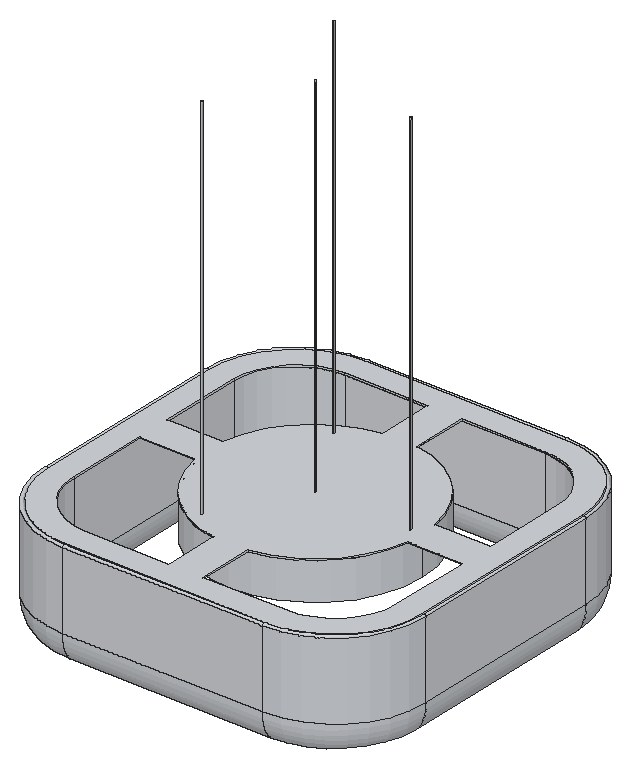
Revit family "Buzzispace - BuzziJet Square1", category Lighting Fixtures, host Ceiling, Revit 2019
Family settings
  Host = Ceiling
  Round Connector Dimension = Use Diameter
  Part Type = Normal
  OmniClass Number = 23.80.70.11
  OmniClass Title = Luminaries for Internal Lighting
  Always vertical = Yes
  Cut with Voids When Loaded = No
  Light Source = Yes
  Shared = No
  Room Calculation Point = No
Parameters (values of type "Square S - Ceiling Suspended")
  Wire Length [instance] = Suspension Length Control - Height  # 775 mm
  Cable Radius = if(Cable Count = 3, 200 mm, Cable Offset)  # 200 mm
  Cable Offset = (Diameter / 2) - 30 mm  # 370 mm
  Cable Count = 3
  Wattage = 9.2903 W
  built-in parameter 1150110 = 1 (stored number, unit not read)
  URL = "https://www.buzzi.space/acoustic-solutions/buzzijet-square"
  built-in parameter 1114217 = 1 (stored number, unit not read)
  built-in parameter 1150109 = 1 (stored number, unit not read)
  built-in parameter 1150134 = 3
  Suspension Length Control [instance] = if(Ceiling Mounted, Height + 5 mm, if(Suspension Length > 5000 mm, 5000 mm, if(Suspension Length < 100 mm, 100 mm, Suspension Length)))  # 1000 mm
  Suspension Length [instance] = 1000 mm
  built-in parameter 1150113 = 1 (stored number, unit not read)
  Canopy [instance] = none
  Model = "BuzziJet Square S"
  Manufacturer = "Buzzispace"  # constant formula
  built-in parameter 1150105 = 109.82 (stored number, unit not read)
  Lumens = 1380 lm
  built-in parameter 1150115 = 1 (stored number, unit not read)
  Light Source Symbol Size = 609.6 mm
  Light Source Suspension [instance] = if(Ceiling Mounted, 105 mm, Wire Length + 100 mm)  # 875 mm
  Light Radius = 225 mm
  built-in parameter 1150137 = (empty or 0)
  built-in parameter 1150139 = (empty or 0)
  built-in parameter 1150112 = 1 (stored number, unit not read)
  built-in parameter 1150114 = 1 (stored number, unit not read)
  built-in parameter 1150132 = (empty or 0)
  built-in parameter 1150102 = (empty or 0)
  built-in parameter 1150107 = 3200 (stored number, unit not read)
  built-in parameter 1150138 = (empty or 0)
  built-in parameter 1150106 = 1.0982 (stored number, unit not read)
  Height = 225 mm
  Fixing System [instance] = none
  Fabric [instance] = none
  Emit from Rectangle Width = 700 mm
  Emit from Rectangle Length = 700 mm
  Emit Shape Visible in Rendering = no
  built-in parameter 1150104 = 13.8 (stored number, unit not read)
  Dimming Lamp Color Temperature Shift = <None>
  Diffuser [instance] = none
  Diameter = 800 mm
  Corner Radius = 190 mm
  Color Filter = 16777215
  Ceiling Mounted = no
  built-in parameter 1114218 = 1 (stored number, unit not read)
  built-in parameter 1150133 = 10 (stored number, unit not read)
Types (7, lengths in mm): name | Wire Length | Cable Radius | Cable Offset | Cable Count | Suspension Length Control | Suspension Length | Model | Light Source Suspension | Light Radius | Height | Emit from Rectangle Width | Emit from Rectangle Length | Diameter | Corner Radius | Ceiling Mounted
  (no name) | 775 | 200 | 370 | 3 | 1000 | 1000 | "BuzziJet Square S" | 875 | 225 | 225 | 700 | 700 | 800 | 190 | no
  Square S - Ceiling Suspended | 775 | 200 | 370 | 3 | 1000 | 1000 | "BuzziJet Square S" | 875 | 225 | 225 | 700 | 700 | 800 | 190 | no
  Square M - Ceiling Mounted | 5 | 200 | 370 | 3 | 455 | 914.4 | "BuzziJet Square M" | 105 | 225 | 450 | 700 | 700 | 800 | 190 | yes
  Square XXL - Ceiling Suspended | 425 | 705 | 705 | 4 | 1000 | 1000 | "BuzziJet Square XXL" | 525 | 335 | 575 | 1370 | 1370 | 1470 | 295 | no
  Square XL - Ceiling Suspended | 475 | 570 | 570 | 4 | 1000 | 1000 | "BuzziJet Square XL" | 575 | 225 | 525 | 1100 | 1100 | 1200 | 260 | no
  Square M - Ceiling Suspended | 550 | 200 | 370 | 3 | 1000 | 1000 | "BuzziJet Square M" | 650 | 225 | 450 | 700 | 700 | 800 | 190 | no
  Square S - Ceiling Mounted | 5 | 200 | 370 | 3 | 230 | 1000 | "BuzziJet Square S" | 105 | 225 | 225 | 700 | 700 | 800 | 190 | yes
Reference planes
  plane 1 "Light Source Axis (F/B)": y = 0
  plane 2 "Ceiling": z = 2438.4
  plane 3 "Light Source Axis (L/R)": x = 0
  plane 4 "Light Source Elevation": z = 1563.4
  plane 5: z = 999.329
Dimensions and locks
  equal spacing: host sketch curve, plane 3 "Light Source Axis (L/R)", host sketch curve
  equal spacing: host sketch curve, plane 1 "Light Source Axis (F/B)", host sketch curve
  host sketch curve to host sketch curve = 3048 mm  (x2)
  "Light Source Suspension": plane 2 "Ceiling" to plane 4 "Light Source Elevation"
  aligned and locked: imposter light to plane 4 "Light Source Elevation"
  aligned and locked: plane 2 "Ceiling" to nested 1
Nested families
  nested 1: "BuzziJet Square" at (0, 0, 1438.4), Wire Length <- "Wire Length", Diffuser <- "Diffuser", Corner Radius <- "Corner Radius", Diameter <- "Diameter", Height <- "Height", Light Radius <- "Light Radius", Wire Count <- "Cable Count", Fixing System <- "Fixing System", Canopy <- "Canopy", Fabric <- "Fabric", type "Square"
    with Wire Radius 2 300 mm, Wire Radius 200 mm, Wire Offset 370 mm, Wire Length 775 mm, Wire Count 3, Light Radius 225 mm, Height 225 mm, Fixing System none, Fabric none, Diffuser none, Diameter 800 mm, Corner Radius 190 mm, Canopy none
Definition of nested family "BuzziJet Square"
  Parameters (values of type "Square")
    Wire Radius 2 [instance] = 300 mm
    Wire Radius [instance] = if(Wire Count = 3, 200 mm, Wire Offset)  # 200 mm
    Wire Offset [instance] = (Diameter / 2) - 30 mm  # 370 mm
    Wire Length [instance] = 1299 mm
    Wire Count [instance] = 3
    Split = no
    Fabric [instance] = none
    Canopy [instance] = none
    Light Radius [instance] = 225 mm
    Height [instance] = 225 mm
    Fixing System [instance] = none
    Diffuser [instance] = none
    Diameter [instance] = 800 mm
    Corner Radius [instance] = 190 mm
  Reference planes
    plane 1 "Light Source Axis (F/B)": y = 0
    plane 2: z = 0
    plane 3 "Light Source Axis (L/R)": x = 0
    plane 4 "Light Source Elevation": z = 1371.6
    plane 5: x = -400
    plane 6: x = 400
    plane 7: y = 400
    plane 8: y = -400
    plane 9: x = 225
    plane 10 "Light Top": z = 225
    plane 11 "Bracket Base": z = 222
    plane 12: z = 143
    plane 13: x = -340
    plane 14: x = -392.5
    plane 15: x = -347.5
    plane 16: y = -35
    plane 17: y = 35
    plane 18: x = 35
    plane 19: x = -35
    plane 20: y = 392.5
    plane 21: y = 347.5
    plane 22: x = 392.5
    plane 23: x = 347.5
    plane 24: y = -392.5
    plane 25: y = -347.5
    plane 26: x = 215
    plane 27: z = 1524
  Forms (mm)
    Sweep 1, solid, material <- "Fabric"
      path origin (0, 0, 0) x (1, 0, 0) y (0, 1, 0)
        loop
          line (-400, 210) -> (-400, -210)
          arc (-400, -210) -> (-344.35, -344.35) -> (-210, -400) r 190
          line (-210, -400) -> (210, -400)
          arc (210, -400) -> (344.35, -344.35) -> (400, -210) r 190
          line (400, -210) -> (400, 210)
          arc (400, 210) -> (344.35, 344.35) -> (210, 400) r 190
          line (210, 400) -> (-210, 400)
          arc (-210, 400) -> (-344.35, 344.35) -> (-400, 210) r 190
      profile origin (-400, 0, 0) x (1, 0, 0) y (0, 0, 1)
        loop
          spline (0, 60) -> (1.022, 44.471) -> (4.019, 30) -> (8.787, 17.574) -> (15, 8.038) -> (22.235, 2.044) -> (30, 0) -> (37.765, 2.044) -> (45, 8.038) -> (51.213, 17.574) -> (55.981, 30) -> (58.978, 44.471) -> (60, 60)
          line (60, 60) -> (60, 222) -> (7.5, 222)
          spline (7.5, 222) -> (7.372, 222.776) -> (6.998, 223.5) -> (6.402, 224.121) -> (5.625, 224.598) -> (4.721, 224.898) -> (3.75, 225) -> (2.779, 224.898) -> (1.875, 224.598) -> (1.098, 224.121) -> (0.502, 223.5) -> (0.128, 222.776) -> (0, 222)
          line (0, 222) -> (0, 60)
    Revolve 2, solid, material <- "Canopy"
      sketch origin (0, 0, 0) x (1, 0, 0) y (0, 0, 1)
        loop
          line (0, 225) -> (0, 222) -> (225, 222) -> (225, 225) -> (0, 225)
        axis (0, 225) -> (0, 222)
      angle from 0 to 360
    Revolve 3, solid, material <- "Diffuser"
      sketch origin (0, 0, 0) x (1, 0, 0) y (0, 0, 1)
        loop
          line (0, 143) -> (215, 143) -> (215, 146) -> (0, 146) -> (0, 143)
        axis (0, 146) -> (0, 143)
      angle from 0 to 360
    Revolve 4, solid, material <- "Fabric"
      sketch origin (0, 0, 0) x (1, 0, 0) y (0, 0, 1)
        loop
          line (225, 222) -> (222, 222) -> (222, 146) -> (215, 146) -> (215, 143) -> (225, 143) -> (225, 222)
        axis (0, 222) -> (0, 143)
      angle from 0 to 360
    Extrusion 5, solid, material <- "Canopy"
      sketch origin (0, 0, 0) x (1, 0, 0) y (0, 1, 0)
        loop
          line (-35, 35) -> (-347.5, 35) -> (-347.5, -35) -> (-35, -35) -> (-35, -347.5) -> (35, -347.5) -> (35, -35) -> (347.5, -35) -> (347.5, 35) -> (35, 35) -> (35, 347.5) -> (-35, 347.5) -> (-35, 35)
      from 222 to 225
    Extrusion 6, solid, material <- "Canopy"
      sketch origin (-392.5, 210, 222) x (0, -1, 0) y (1, 0, 0)
        loop
          arc (420, 0) -> (549.047, 53.453) -> (602.5, 182.5) r 182.5
          line (602.5, 182.5) -> (602.5, 602.5)
          arc (602.5, 602.5) -> (549.047, 731.547) -> (420, 785) r 182.5
          line (420, 785) -> (0, 785)
          arc (0, 785) -> (-129.047, 731.547) -> (-182.5, 602.5) r 182.5
          line (-182.5, 602.5) -> (-182.5, 182.5)
          arc (-182.5, 182.5) -> (-129.047, 53.453) -> (0, 0) r 182.5
          line (0, 0) -> (420, 0)
        loop
          arc (550, 602.5) -> (511.924, 694.424) -> (420, 732.5) r 130
          line (420, 732.5) -> (0, 732.5)
          arc (0, 732.5) -> (-91.924, 694.424) -> (-130, 602.5) r 130
          line (-130, 602.5) -> (-130, 182.5)
          arc (-130, 182.5) -> (-91.924, 90.576) -> (0, 52.5) r 130
          line (0, 52.5) -> (420, 52.5)
          arc (420, 52.5) -> (511.924, 90.576) -> (550, 182.5) r 130
          line (550, 182.5) -> (550, 602.5)
      from 0 to 3
  Cuts and joins
    joined: Revolve 2, Extrusion 5, Extrusion 6
  Lines and regions (mm)
    Masking region 1
      outline origin (-824.573, -4572, 225) x (-1, 0, 0) y (0, -1, 0)
        loop
          line (-1034.573, -4972) -> (-614.573, -4972)
          arc (-614.573, -4972) -> (-480.223, -4916.35) -> (-424.573, -4782) r 190
          line (-424.573, -4782) -> (-424.573, -4362)
          arc (-424.573, -4362) -> (-480.223, -4227.65) -> (-614.573, -4172) r 190
          line (-614.573, -4172) -> (-1034.573, -4172)
          arc (-1034.573, -4172) -> (-1168.924, -4227.65) -> (-1224.573, -4362) r 190
          line (-1224.573, -4362) -> (-1224.573, -4782)
          arc (-1224.573, -4782) -> (-1168.924, -4916.35) -> (-1034.573, -4972) r 190
    Masking region 2, detail levels medium+fine
      outline origin (0, 0, 222) x (-1, 0, 0) y (0, -1, 0)
        loop
          circle (0, 0) r 225
    symbolic lines, detail levels medium+fine
      curve 1: arc (-340, 210, 225) -> (-301.924, 301.924, 225) -> (-210, 340, 225) r 130
      curve 2: line (-210, 340, 225) -> (210, 340, 225)
      curve 3: arc (210, 340, 225) -> (301.924, 301.924, 225) -> (340, 210, 225) r 130
      curve 4: arc (340, -210, 225) -> (301.924, -301.924, 225) -> (210, -340, 225) r 130
      curve 5: arc (-210, -340, 225) -> (-301.924, -301.924, 225) -> (-340, -210, 225) r 130
      curve 6: line (210, -340, 225) -> (-210, -340, 225)
      curve 7: line (-340, -210, 225) -> (-340, 210, 225)
      curve 8: line (340, 210, 225) -> (340, -210, 225)
    symbolic lines, detail levels fine
      curve 9: line (-340, 35, 225) -> (340, 35, 225)
      curve 10: line (-340, -35, 225) -> (340, -35, 225)
      curve 11: line (-35, 340, 225) -> (-35, -340, 225)
      curve 12: line (35, 340, 225) -> (35, -340, 225)
  Dimensions and locks
    "Light Radius": plane 3 "Light Source Axis (L/R)" to plane 9
    locked: plane 10 "Light Top" to plane 11 "Bracket Base" at 3
    locked: plane 11 "Bracket Base" to plane 12 at 79
    "Height": plane 10 "Light Top" to level
    plane 5 to plane 14 = 7.5 mm
    equal spacing: plane 5, plane 3 "Light Source Axis (L/R)", plane 6
    equal spacing: plane 8, plane 1 "Light Source Axis (F/B)", plane 7
    "Diameter": plane 8 to plane 7
    "Diameter": plane 5 to plane 6
    plane 23 to plane 22 to plane 6 = 45 mm locked, 7.5 mm locked
    plane 8 to plane 24 to plane 25 = 7.5 mm locked, 45 mm locked
    plane 5 to plane 14 to plane 15 = 7.5 mm locked, 45 mm locked
    plane 21 to plane 20 to plane 7 = 45 mm locked, 7.5 mm locked
    locked: plane 26 to plane 9 at 10
    "Wire Length": plane 27 to plane 10 "Light Top"
    "Corner Radius": radius of Sweep 1 sketch curve  (x4)
    "Corner Radius": radius of Masking region 1 sketch curve  (x4)
    "Light Radius": radius of Masking region 2 sketch curve
    aligned and locked: level to plane 2
    aligned and locked: plane 9 to Revolve 2 sketch curve
    aligned and locked: Revolve 2 sketch curve to plane 3 "Light Source Axis (L/R)"
    aligned and locked: Revolve 3 sketch curve to plane 3 "Light Source Axis (L/R)"
    aligned and locked: Revolve 4 sketch curve to plane 9
    aligned and locked: plane 10 "Light Top" to Extrusion 5
    aligned and locked: Extrusion 5 to plane 11 "Bracket Base"
    aligned and locked: Extrusion 6 sketch curve to Sweep 1  (x8)
    aligned and locked: Extrusion 5 sketch curve to plane 15
    aligned and locked: plane 21 to Extrusion 5 sketch curve
    aligned and locked: Extrusion 5 sketch curve to plane 23
    aligned and locked: Extrusion 5 sketch curve to plane 25
    aligned and locked: plane 10 "Light Top" to Sweep 1 sketch curve
    aligned and locked: Sweep 1 sketch curve to plane 11 "Bracket Base"
    aligned and locked: plane 26 to Revolve 3 sketch curve
    aligned and locked: Masking region 1 sketch curve to plane 7
    aligned and locked: Masking region 1 sketch curve to plane 5
    aligned and locked: Masking region 1 sketch curve to plane 6
    aligned and locked: Masking region 1 sketch curve to plane 8
    aligned and locked: curve 1 to cut or joined group of Revolve 2, Extrusion 5, Extrusion 6
    aligned and locked: curve 3 to cut or joined group of Revolve 2, Extrusion 5, Extrusion 6
    aligned and locked: curve 4 to cut or joined group of Revolve 2, Extrusion 5, Extrusion 6
    aligned and locked: curve 5 to cut or joined group of Revolve 2, Extrusion 5, Extrusion 6
    aligned and locked: plane 17 to cut or joined group of Revolve 2, Extrusion 5, Extrusion 6
    aligned and locked: curve 12 to plane 18
    aligned and locked: curve 11 to plane 19
  Automatic sketch dimensions
    Sweep 1 sketch curve to plane 5 = 0 mm
    plane 7 to Sweep 1 sketch curve = 0 mm
    plane 8 to Sweep 1 sketch curve = 0 mm
    Sweep 1 sketch curve to plane 6 = 0 mm
    Revolve 3 sketch curve to plane 3 "Light Source Axis (L/R)" = 0 mm
    Revolve 3 sketch curve to plane 12 = 0 mm
    Revolve 3 sketch curve to Revolve 3 sketch curve = 3 mm
    Revolve 3 sketch curve to plane 12 = 38.251 mm
    Revolve 3 sketch curve to Revolve 3 sketch curve = 27.035 mm
    profile plane to Sweep 1 sketch curve = 0 mm
    Sweep 1 sketch curve to profile plane = 7.5 mm
    Sweep 1 sketch curve to profile plane = 60 mm
    profile plane to Sweep 1 sketch curve = 60 mm
    Revolve 2 sketch curve to plane 3 "Light Source Axis (L/R)" = 0 mm
    Revolve 2 sketch curve to plane 11 "Bracket Base" = 0 mm
    Revolve 2 sketch curve to plane 10 "Light Top" = 0 mm
    plane 12 to Revolve 2 sketch curve = 37 mm
    plane 10 "Light Top" to Revolve 2 sketch curve = 20 mm
    Revolve 4 sketch curve to plane 3 "Light Source Axis (L/R)" = 0 mm
    Revolve 4 sketch curve to plane 12 = 0 mm
    Revolve 4 sketch curve to plane 26 = 0 mm
    Revolve 4 sketch curve to plane 11 "Bracket Base" = 0 mm
    Revolve 4 sketch curve to plane 9 = 3 mm
    Revolve 4 sketch curve to Revolve 4 sketch curve = 3 mm
    Revolve 4 sketch curve to plane 12 = 13.462 mm
    plane 10 "Light Top" to Revolve 4 sketch curve = 4.538 mm
    Extrusion 5 sketch curve to plane 17 = 0 mm  (x2)
    Extrusion 5 sketch curve to plane 19 = 0 mm  (x2)
    Extrusion 5 sketch curve to plane 16 = 0 mm  (x2)
    Extrusion 5 sketch curve to plane 18 = 0 mm  (x2)
    curve 9 to plane 17 = 0 mm
    curve 10 to plane 16 = 0 mm
    plane 1 "Light Source Axis (F/B)" to Masking region 2 sketch curve = 0 mm
    Masking region 2 sketch curve to plane 3 "Light Source Axis (L/R)" = 0 mm
  Nested families
    nested 1: "Wires" at (0, 0, 225) x (-1, 0, 0) z (0, 0, 1), Number of Wires <- "Wire Count", Radius <- "Wire Radius", Wire Length <- "Wire Length", Fixing System <- "Fixing System", type "Wires"
      with Wire Length 1299 mm, Radius 200 mm, Number of Wires 3, Fixing System none
  Definition of nested family "Wires"
    Parameters (values of type "Wires")
      Wire Length [instance] = 304.8 mm
      Radius [instance] = 304.8 mm
      Number of Wires [instance] = 3
      Fixing System [instance] = none
      Default Elevation = 1219.2 mm
    Reference planes
      plane 1 "Center (Front/Back)": y = 0
      plane 2: z = 0
      plane 3 "Center (Left/Right)": x = 0
    Forms (mm)
      Extrusion 1, solid
        sketch origin (0, 0, 0) x (1, 0, 0) y (0, 1, 0)
          loop
            line (-1219.2, 1219.2) -> (-1219.2, -1219.2) -> (1219.2, -1219.2) -> (1219.2, 1219.2) -> (-1219.2, 1219.2)
        from 0 to -304.8
      Extrusion 2, solid, material <- "Fixing System"
        sketch origin (0, 0, 0) x (1, 0, 0) y (0, 1, 0)
          loop
            circle (-304.8, 0) r 1.6
        from 0 to 304.8 <- "Wire Length"
      Extrusion 3, solid, material <- "Fixing System"
        sketch origin (0, 0, 0) x (-0.5, -0.866025, 0) y (0.866025, -0.5, 0)
          loop
            circle (-304.8, 0) r 1.6
        from 0 to 304.8 <- "Wire Length"
      Extrusion 4, solid, material <- "Fixing System"
        sketch origin (0, 0, 0) x (-0.5, 0.866025, 0) y (-0.866025, -0.5, 0)
          loop
            circle (-304.8, 0) r 1.6
        from 0 to 304.8 <- "Wire Length"
      Extrusion 5, solid, material <- "Fixing System"
        sketch origin (0, 0, 0) x (1, 0, 0) y (0, 1, 0)
          loop
            circle (0, 0) r 1.6
        from 0 to 304.8 <- "Wire Length"
    Dimensions and locks
      "Radius": radius of radial array
      aligned and locked: plane 2 to Extrusion 1
      aligned and locked: level to Extrusion 1
    Automatic sketch dimensions
      Extrusion 1 sketch curve to Extrusion 1 sketch curve = 2438.4 mm  (x2)
      plane 1 "Center (Front/Back)" to Extrusion 5 sketch curve = 0 mm
      Extrusion 5 sketch curve to plane 3 "Center (Left/Right)" = 0 mm
      radius of Extrusion 5 sketch curve = 1.6 mm
